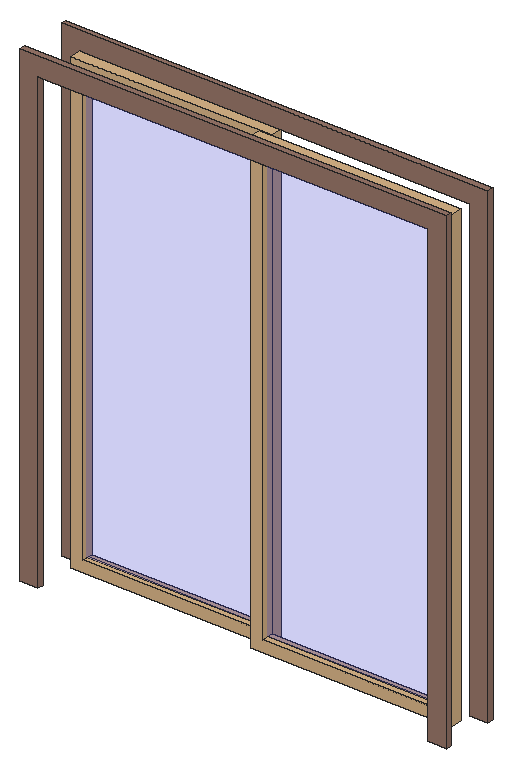
Revit family "M_Porta-Deslizante-Dupla", category Portas, Revit 2019
Family settings
  Hospedeiro = Parede
  Número OmniClass = 23.30.10.17.11
  Título OmniClass = Sliding Doors
  Sempre na vertical = Sim
  Corte com vazios quando carregada = Não
  Compartilhado = Não
  Ponto de cálculo do ambiente = Não
Parameters (values of type "1700 x 2000mm")
  Visual Light Transmittance = 0
  Espessura = 50 mm
  Resistência térmica (R) = 0.31964 (m²·K)/W
  Solar Heat Gain Coefficient = 0
  Vidraça = Vidro
  ID do tipo de construção = "opn-d45"
  Coeficiente de transferência de calor (U) = 3.12872 W/(m²·K)
  Função = Interior
  Código de montagem = "C1020"
  Material do painel = Madeira - Bétula - Manchada sólida leve com baixo brilho
  Material da apara = Pintura - Sienna
  Altura = 2000 mm
  Largura do corrimão = 50 mm
  Estilos = 50 mm
  Projeção da apara externa = 25 mm
  Projeção da apara interna = 25 mm
  Largura da apara = 80 mm
  Fechamento da parede = Por hospedeiro
  Largura = 1700 mm
  Construção analítica = "Moldura de madeira, porta de vidro duplo "
Reference planes
  plane 1: z = 0
  plane 2 "Centro (Esquerda/Direita)": x = 0
  plane 3 "Esquerda": x = -850
  plane 4 "Direita": x = 850
  plane 5: z = 2000
  plane 6: y = 228.6
  plane 7: y = 25.4
  plane 8: y = 178.6
  plane 9: y = 128.6
  plane 10 "Vidro na direita": y = 153.6
  plane 11: y = 156.775
  plane 12: y = 150.425
  plane 13: x = -800
  plane 14: z = 1950
  plane 15: x = -25
  plane 16: x = 25
  plane 17: z = 50
  plane 18: x = 800
  plane 19 "Centro (Frente/Trás)": y = 127
  plane 20: z = 1000
  plane 21: x = 400
  plane 22 "Vidro na esquerda": y = 203.2
Forms (mm)
  Extrusion 1, solid, material "Pintura - Sienna" <- "Material da apara", detail levels fine
    sketch origin (-1524, 228.6, 0) x (-1, 0, 0) y (0, 0, 1)
      loop
        line (-2374, 0) -> (-2374, 2000) -> (-674, 2000) -> (-674, 0) -> (-594, 0) -> (-594, 2080) -> (-2454, 2080) -> (-2454, 0) -> (-2374, 0)
    from 0 to 25
  Extrusion 2, solid, material "Pintura - Sienna" <- "Material da apara", detail levels fine
    sketch origin (0, 25.4, 0) x (0, 0, -1) y (-1, 0, 0)
      loop
        line (0, 850) -> (0, 930) -> (-2080, 930) -> (-2080, -930) -> (0, -930) -> (0, -850) -> (-2000, -850) -> (-2000, 850) -> (0, 850)
    from 0 to -25
  Extrusion 3, solid, material "Madeira - Bétula - Manchada sólida leve com baixo brilho" <- "Material do painel"
    sketch origin (-1524, 228.6, 0) x (-1, 0, 0) y (0, 0, 1)
      loop
        line (-674, 2000) -> (-1549, 2000) -> (-1549, 0) -> (-674, 0) -> (-674, 2000)
      loop
        line (-724, 1950) -> (-1499, 1950) -> (-1499, 50) -> (-724, 50) -> (-724, 1950)
    from -50 to 0
  Extrusion 4, solid, material "Vidro" <- "Vidraça"
    sketch origin (0, 203.2, 0) x (1, 0, 0) y (0, 0, 1)
      loop
        line (-25, 1950) -> (-800, 1950) -> (-800, 50) -> (-25, 50) -> (-25, 1950)
    from 3.175 to -3.175
  Extrusion 5, solid, material "Madeira - Bétula - Manchada sólida leve com baixo brilho" <- "Material do painel"
    sketch origin (-1524, 228.6, 0) x (-1, 0, 0) y (0, 0, 1)
      loop
        line (-2374, 2000) -> (-2374, 0) -> (-1499, 0) -> (-1499, 2000) -> (-2374, 2000)
      loop
        line (-2324, 1950) -> (-2324, 50) -> (-1549, 50) -> (-1549, 1950) -> (-2324, 1950)
    from -100 to -50
  Extrusion 6, solid, material "Vidro" <- "Vidraça"
    sketch origin (-1524, 228.6, 0) x (-1, 0, 0) y (0, 0, 1)
      loop
        line (-2324, 1950) -> (-2324, 50) -> (-1549, 50) -> (-1549, 1950) -> (-2324, 1950)
    from -78.175 to -71.825
Lines and regions (mm)
  Opening 1
    outline origin (-1524, 25.4, 3657.6) x (0, 0, -1) y (1, 0, 0)
      loop
        line (1657.6, 2374) -> (1657.6, 674) -> (3657.6, 674) -> (3657.6, 2374) -> (1657.6, 2374)
  Masking region 1
    outline origin (0, 0, 0) x (1, 0, 0) y (0, 1, 0)
      loop
        line (-850, 228.6) -> (-850, 178.6) -> (25, 178.6) -> (25, 228.6) -> (-850, 228.6)
  Masking region 2
    outline origin (0, 0, 0) x (1, 0, 0) y (0, 1, 0)
      loop
        line (-25, 178.6) -> (-25, 128.6) -> (850, 128.6) -> (850, 178.6) -> (-25, 178.6)
  symbolic lines, style "DoorsGlassProjection"
    curve 1: line (0, 203.2, 1950) -> (0, 203.2, 50)
    curve 2: line (0, 153.6, 1950) -> (0, 153.6, 50)
  model lines, style "DoorsGlassProjection"
    curve 3: line (800, 153.6, 1950) -> (800, 153.6, 50)
    curve 4: line (25, 153.6, 1950) -> (25, 153.6, 50)
    curve 5: line (-25, 203.2, 1950) -> (-25, 203.2, 50)
    curve 6: line (-800, 203.2, 1950) -> (-800, 203.2, 50)
Text (mm)
  text "Exterior" at (-1735.71, 556.18, 0), in view "Piso do chão"
  text "Exterior" at (0, 901.414, 2970.265), in view "Esquerda"
Dimensions and locks
  equal spacing: plane 3 "Esquerda", plane 2 "Centro (Esquerda/Direita)", plane 4 "Direita"
  "Largura": plane 3 "Esquerda" to plane 4 "Direita"
  "Altura": plane 1 to plane 5
  "Largura da apara": plane 5 to Extrusion 1 sketch curve
  "Largura da apara": plane 3 "Esquerda" to Extrusion 1 sketch curve
  "Largura da apara": plane 4 "Direita" to Extrusion 1 sketch curve
  "Projeção da apara interna": plane 7 to Extrusion 2
  "Projeção da apara externa": Extrusion 1 to Extrusion 1
  "Largura da apara": Extrusion 2 sketch curve to plane 3 "Esquerda"
  "Largura da apara": plane 4 "Direita" to Extrusion 2 sketch curve
  "Largura da apara": Extrusion 2 sketch curve to plane 5
  "Espessura": plane 8 to plane 6
  "Espessura": plane 9 to plane 8
  plane 8 to plane 6 = 50 mm
  equal spacing: plane 9, plane 10 "Vidro na direita", plane 8
  plane 11 to plane 10 "Vidro na direita" to plane 12 = 3.175 mm locked, 3.175 mm locked
  "Largura do corrimão": plane 5 to plane 14
  "Largura do corrimão": plane 17 to plane 1
  "Estilos": plane 13 to plane 3 "Esquerda"
  equal spacing: plane 15, plane 2 "Centro (Esquerda/Direita)", plane 16
  "Estilos": plane 15 to plane 16
  "Estilos": plane 18 to plane 4 "Direita"
  equal spacing: plane 7, plane 19 "Centro (Frente/Trás)", plane 6
  equal spacing: plane 16, plane 2 "Centro (Esquerda/Direita)", plane 15
  equal spacing: plane 1, plane 20, plane 5
  equal spacing: plane 2 "Centro (Esquerda/Direita)", nested 1, plane 4 "Direita"
  locked: nested 1 to host wall at 25.4
  equal spacing: plane 2 "Centro (Esquerda/Direita)", plane 21, plane 18
  aligned and locked: Opening 1 sketch curve to plane 5
  aligned and locked: Opening 1 sketch curve to plane 3 "Esquerda"
  aligned and locked: plane 4 "Direita" to Opening 1 sketch curve
  aligned and locked: host wall to plane 6
  aligned and locked: plane 7 to host wall
  aligned and locked: host wall to Extrusion 3
  aligned and locked: plane 8 to Extrusion 3
  aligned and locked: Extrusion 3 to Extrusion 4 sketch curve  (x2)
  aligned and locked: Extrusion 4 sketch curve to Extrusion 3  (x2)
  aligned and locked: plane 5 to Extrusion 5 sketch curve
  aligned and locked: plane 4 "Direita" to Extrusion 5 sketch curve
  aligned and locked: plane 1 to Extrusion 5 sketch curve
  aligned and locked: plane 9 to Extrusion 5
  aligned and locked: Extrusion 5 to plane 8
  aligned and locked: Extrusion 5 to Extrusion 6 sketch curve  (x2)
  aligned and locked: Extrusion 6 sketch curve to Extrusion 5
  aligned and locked: Extrusion 3 to Extrusion 6 sketch curve
  aligned and locked: Extrusion 6 to plane 12
  aligned and locked: plane 11 to Extrusion 6
  aligned and locked: plane 15 to Extrusion 3 sketch curve
  aligned and locked: Extrusion 3 sketch curve to plane 16
  aligned and locked: plane 5 to Extrusion 3 sketch curve
  aligned and locked: Extrusion 3 sketch curve to plane 14
  aligned and locked: plane 17 to Extrusion 3 sketch curve
  aligned and locked: plane 1 to Extrusion 3 sketch curve
  aligned and locked: plane 13 to Extrusion 3 sketch curve
  aligned and locked: Extrusion 5 sketch curve to plane 17
  aligned and locked: Extrusion 5 sketch curve to plane 16
  aligned and locked: plane 14 to Extrusion 5 sketch curve
  aligned and locked: plane 15 to Extrusion 5 sketch curve
  aligned and locked: Extrusion 5 sketch curve to plane 18
  aligned and locked: plane 3 "Esquerda" to Extrusion 2 sketch curve
  aligned and locked: Extrusion 2 sketch curve to plane 4 "Direita"
  aligned and locked: Extrusion 2 sketch curve to plane 5
  aligned and locked: plane 1 to Extrusion 2 sketch curve  (x2)
  aligned and locked: plane 6 to Masking region 1 sketch curve
  aligned and locked: Masking region 1 sketch curve to plane 8
  aligned and locked: Masking region 1 sketch curve to plane 3 "Esquerda"
  aligned and locked: Masking region 1 sketch curve to plane 16
  aligned and locked: plane 8 to Masking region 2 sketch curve
  aligned and locked: Masking region 2 sketch curve to plane 9
  aligned and locked: Masking region 2 sketch curve to plane 15
  aligned and locked: plane 4 "Direita" to Masking region 2 sketch curve
  aligned and locked: plane 15 to Extrusion 5
  aligned and locked: plane 15 to Extrusion 3
  aligned and locked: plane 16 to Extrusion 3
  aligned and locked: plane 16 to Extrusion 5
  aligned and locked: plane 13 to Extrusion 3
  aligned and locked: nested 2 to plane 20
  aligned and locked: nested 2 to plane 21
  aligned and locked: plane 17 to curve 1
  aligned and locked: plane 14 to curve 1
  aligned and locked: plane 14 to curve 2
  aligned and locked: curve 2 to plane 10 "Vidro na direita"
  aligned and locked: plane 17 to curve 2
  aligned and locked: plane 14 to curve 3
  aligned and locked: plane 17 to curve 3
  aligned and locked: curve 3 to plane 18
  aligned and locked: plane 14 to curve 4
  aligned and locked: plane 16 to curve 4
  aligned and locked: plane 17 to curve 4
  aligned and locked: curve 5 to plane 15
  aligned and locked: plane 17 to curve 5
  aligned and locked: plane 14 to curve 5
  aligned and locked: plane 14 to curve 6
  aligned and locked: plane 13 to curve 6
  aligned and locked: plane 17 to curve 6
Automatic sketch dimensions
  Opening 1 sketch curve to level = 0 mm
  Extrusion 1 sketch curve to level = 0 mm  (x2)
  Extrusion 1 sketch curve to plane 4 "Direita" = 0 mm
  Extrusion 1 sketch curve to plane 3 "Esquerda" = 0 mm
  Extrusion 1 sketch curve to plane 5 = 0 mm
  Extrusion 3 sketch curve to plane 3 "Esquerda" = 0 mm
  curve 1 to host wall = 25.4 mm
Nested families
  nested 1: "Seta" at (425, 101.6, 0), type "Seta"
  nested 2: "Seta" at (400, 0, 1000) x (1, 0, 0) z (0, -1, 0), type "Seta"
Definition of nested family "Seta"
  Reference planes
    plane 1 "Centro (Frente/Trás)": y = 0
    plane 2: z = 0
    plane 3 "Centro (Esquerda/Direita)": x = 0
  Lines and regions (mm)
    Filled region 1, type "Preenchimento sólido - Preto", in view "Nível de referência"
      outline origin (0, 0, 0) x (1, 0, 0) y (0, 1, 0)
        loop
          line (-152.4, 0) -> (-75.861, -13.496) -> (-75.861, 13.496) -> (-152.4, 0)
    detail lines, in view "Nível de referência"
      curve 1: line (152.4, 0, 0) -> (-152.4, 0, 0)
Types in the file's own list only (6): name | Transmissão de luz visual | Resistência térmica (R) | Coeficiente de ganho de calor solar | Coeficiente de transferência de calor (U) | Altura | Largura | Construção analítica
  1700 x 2050mm | 0 | 0.3196 (m²·K)/W | 0 | 3.1287 W/(m²·K) | 2050 mm | 1700 mm | "Moldura de madeira, porta de vidro duplo"
  1700 x 2100mm | 0 | 0.3196 (m²·K)/W | 0 | 3.1287 W/(m²·K) | 2100 mm | 1700 mm | "Moldura de madeira, porta de vidro duplo"
  1800 x 1950mm | 0 | 0.3196 (m²·K)/W | 0 | 3.1287 W/(m²·K) | 1950 mm | 1800 mm | "Moldura de madeira, porta de vidro duplo"
  1800 x 2000mm | 0 | 0.3196 (m²·K)/W | 0 | 3.1287 W/(m²·K) | 2000 mm | 1800 mm | "Moldura de madeira, porta de vidro duplo"
  1800 x 2050mm | 0 | 0.3196 (m²·K)/W | 0 | 3.1287 W/(m²·K) | 2050 mm | 1800 mm | "Moldura de madeira, porta de vidro duplo"
  1800 x 2100mm | 0 | 0.3196 (m²·K)/W | 0 | 3.1287 W/(m²·K) | 2100 mm | 1800 mm | "Moldura de madeira, porta de vidro duplo"
